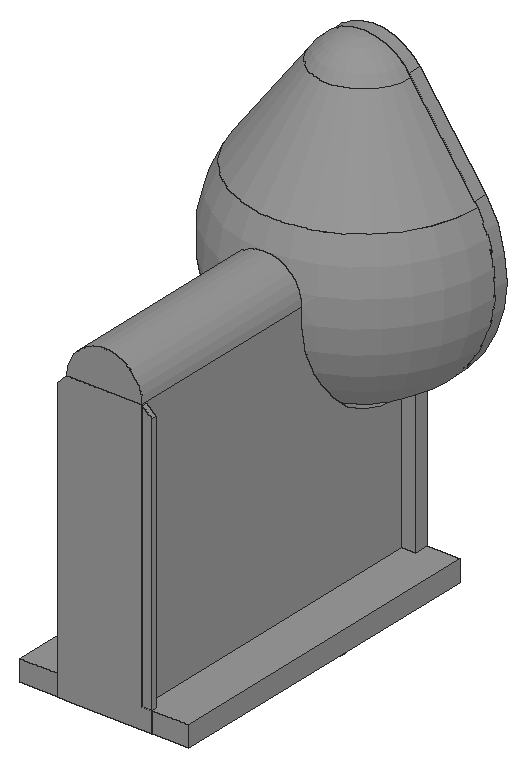
Revit family "Toilet-Willoughby-ETW-1490-FM-TS-HC", category Plumbing Fixtures, Revit 2015
Parameters (values of type "Standard")
  Waste DIA = 2 3/8"
  Waste Connection = yes
  Vent Connection = no
  URL = "https://www.willoughby-ind.com/wp-content/uploads/2018/01/ETW-1490-FM.pdf"
  Type Comments = ""
  Revision = "A"
  Model = "ETW-1490-FM-TS-HC"
  Manufacturer = "Willoughby Industries"
  HW Connection = no
  Flush Inlet DIA = 1 1/2"
  Flush Inlet Connection = yes
  Fixture Body = Stainless Steel AISI 304-Willoughby
  Description = "Handicap Blowout Series Toilet, Top Spud, Handicap Seat Height"
  Default Elevation = 0' - 0"
  Contact = "(800) 428-4065"
  CW Connection = no
Reference planes (in)
  plane 1 "Center (Front/Back)": y = 0
  plane 2: z = 0
  plane 3 "Center (Left/Right)": x = 0
  plane 4 "Seat": y = 18
  plane 5 "Top": y = 19
  plane 6: y = 17.25
  plane 7: z = 18.5
  plane 8: z = 14.933
  plane 9: x = 2.5
  plane 10: x = -2.5
  plane 11: z = 15.30775
  plane 12: x = 7
  plane 13: z = 18.24525
  plane 14: z = 8
  plane 15: z = 10
  plane 16: y = 14.5
  plane 17: y = 19.75
  plane 18: x = 2
  plane 19: x = -2
  plane 20: z = 25.75
  plane 21: x = 4.5
  plane 22: x = -4.5
  plane 23: z = 1.125
  plane 24: z = -3
  plane 25: y = 22
  plane 26: z = 2.75
Forms (in)
  Extrusion 1, solid, material "Stainless Steel AISI 304-Willoughby" <- "Fixture Body"
    sketch origin (0, 0, 0) x (1, 0, 0) y (0, 1, 0)
      loop
        line (-4.5, 0) -> (4.5, 0) -> (4.5, 18) -> (-4.5, 18) -> (-4.5, 0)
    from 0 to 1.125
  Revolve 2, solid, material "Stainless Steel AISI 304-Willoughby" <- "Fixture Body"
    sketch origin (-60, 17.25, 55.20755) x (-1, 0, 0) y (0, 0, 1)
      loop
        line (-60, -46.89981) -> (-60, -46.39981)
        arc (-60, -46.39981) -> (-65.42136, -42.59037) -> (-65.23755, -35.96698) r 7
        line (-65.23755, -35.96698) -> (-62.05388, -31.72393) -> (-61.99416, -31.59711)
        arc (-61.99416, -31.59711) -> (-61.12675, -30.82597) -> (-60, -30.54756) r 2.41924
        line (-60, -30.54756) -> (-60, -30.06664)
        arc (-60, -30.06664) -> (-61.44008, -30.44944) -> (-62.5, -31.49678) r 2.90017
        line (-62.5, -31.49678) -> (-66.0721, -36.41706)
        arc (-66.0721, -36.41706) -> (-66.0572, -43.40842) -> (-60, -46.89981) r 7
      axis (-60, -30.06664) -> (-60, -46.89981)
    angle from 0 to 180
  Extrusion 3, solid, material "Stainless Steel AISI 304-Willoughby" <- "Fixture Body"
    sketch origin (0, 0, 7.20755) x (1, 0, 0) y (0, 0, 1)
      loop
        line (-2.75, 1.72332) -> (-2.75, -6.08255) -> (2.75, -6.08255) -> (2.75, 1.7173)
        arc (2.75, 1.7173) -> (6.68642, 6.02823) -> (5.9122, 11.81443) r 6.90394
        line (5.9122, 11.81443) -> (2.39932, 16.65314)
        arc (2.39932, 16.65314) -> (-0.09029, 17.88384) -> (-2.5, 16.50322) r 2.95222
        line (-2.5, 16.50322) -> (-6.0792, 11.57317)
        arc (-6.0792, 11.57317) -> (-6.60519, 5.90783) -> (-2.75, 1.72332) r 7
      loop
        arc (-3.42861, 9.875) -> (0, 4.09219) -> (3.42861, 9.875) r 3.90781
        line (3.42861, 9.875) -> (1.45817, 16.45616)
        arc (1.45817, 16.45616) -> (-0.05754, 17.35793) -> (-1.5058, 16.35139) r 1.629
        line (-1.5058, 16.35139) -> (-3.42861, 9.875)
    from -18 to -17.25
  Extrusion 4, solid, material "Stainless Steel AISI 304-Willoughby" <- "Fixture Body"
    sketch origin (0, 0, 7.20827) x (0, 1, 0) y (0, 0, 1)
      loop
        line (0, 8.29885) -> (0, -6.20827) -> (17.25, -6.20827) -> (17.25, 1.12333)
        arc (17.25, 1.12333) -> (12.47455, 3.27791) -> (10.97879, 8.29885) r 6.30139
        line (10.97879, 8.29885) -> (0, 8.29885)
    from 2 to -2
  Revolve 5, solid, material "Stainless Steel AISI 304-Willoughby" <- "Fixture Body"
    sketch origin (0, 14.5, -24) x (0, 0, -1) y (-1, 0, 0)
      loop
        line (-25, 0) -> (-21, 0) -> (-21, 1.1875) -> (-25, 1.1875) -> (-25, 0)
      axis (-25, 0) -> (-21, 0)
    angle from 0 to 360
  Revolve 6, solid, material "Stainless Steel AISI 304-Willoughby" <- "Fixture Body"
    sketch origin (0, 0, 0) x (0, 1, 0) y (0, 0, 1)
      loop
        line (19, 2.75) -> (16, 2.75) -> (16, 2) -> (19, 2) -> (19, 2.75)
      axis (19, 2.75) -> (16, 2.75)
    angle from 0 to 360
  Extrusion 7, solid, material "Stainless Steel AISI 304-Willoughby" <- "Fixture Body"
    sketch origin (0, 0, 0) x (1, 0, 0) y (0, 0, 1)
      loop
        line (2, 0) -> (2.5, 0) -> (2.5, 15) -> (2, 15.5) -> (-2, 15.5) -> (-2.5, 15) -> (-2.5, 0) -> (-2, 0) -> (2, 0)
    from 0 to -0.25
  Extrusion 8, solid, material "Stainless Steel AISI 304-Willoughby" <- "Fixture Body"
    sketch origin (0, 0, 0) x (1, 0, 0) y (0, 0, 1)
      loop
        arc (2, 15.5) -> (0, 17.5) -> (-2, 15.5) r 2
        line (-2, 15.5) -> (2, 15.5)
    from 0 to -10.67767
Cuts and joins
  joined: Extrusion 1, Revolve 2, Extrusion 4
Lines and regions (in)
  symbolic lines
    curve 1: line (2, 0.25, 0) -> (2.5, 0.25, 0)
    curve 2: line (2.5, 0.25, 0) -> (2.5, 0, 0)
    curve 3: line (2.5, 0, 0) -> (-2.5, 0, 0)
    curve 4: line (-2.5, 0, 0) -> (-2.5, 0.25, 0)
    curve 5: line (-2.5, 0.25, 0) -> (-2, 0.25, 0)
    curve 6: line (-7, 17.25, 0) -> (-7, 18, 0)
    curve 7: line (-7, 18, 0) -> (7.00196, 18, 0)
    curve 8: line (7.00196, 18, 0) -> (7.00196, 17.25, 0)
    curve 9: arc (7.00196, 17.25, 0) -> (5.61382, 13.06611, 0) -> (2, 10.5418, 0) r 6.99922
    curve 10: arc (2, 10.5418, 0) -> (0, 10.61834, 0) -> (-2, 10.5418, 0) r 26.16613
    curve 11: arc (-2, 10.5418, 0) -> (-5.61249, 13.0667, 0) -> (-7, 17.25, 0) r 7
    curve 12: line (2, 10.5418, 0) -> (2, 0, 0)
    curve 13: line (-2, 10.5418, 0) -> (-2, 0, 0)
    curve 14: line (-2.75, 0, 8.93087) -> (-2.75, 0, 1.125)
    curve 15: line (-2.75, 0, 1.125) -> (-4.5, 0, 1.125)
    curve 16: line (-4.5, 0, 1.125) -> (-4.5, 0, 0)
    curve 17: line (-4.5, 0, 0) -> (4.5, 0, 0)
    curve 18: line (4.5, 0, 0) -> (4.5, 0, 1.125)
    curve 19: line (4.5, 0, 1.125) -> (2.75, 0, 1.125)
    curve 20: line (2.75, 0, 1.125) -> (2.75, 0, 8.92485)
    curve 21: arc (2.75, 0, 8.92485) -> (6.68642, 0, 13.23579) -> (5.9122, 0, 19.02199) r 6.90394
    curve 22: line (5.9122, 0, 19.02199) -> (2.39932, 0, 23.86069)
    curve 23: arc (2.39932, 0, 23.86069) -> (1.34707, 0, 24.77707) -> (0, 0, 25.14092) r 3.10883
    curve 24: arc (0, 0, 25.14092) -> (-1.45449, 0, 24.78331) -> (-2.5, 0, 23.71078) r 2.72376
    curve 25: line (-2.5, 0, 23.71078) -> (-6.0721, 0, 18.7905)
    curve 26: arc (-6.0721, 0, 18.7905) -> (-6.60686, 0, 13.12083) -> (-2.75, 0, 8.93087) r 6.99821
    curve 32: line (0, 10.67767, 17.5) -> (0, 0, 17.5)
    curve 33: line (0, 0, 17.5) -> (0, 0, 0)
    curve 34: line (0, 0, 0) -> (0, 18, 0)
    curve 35: line (0, 18, 0) -> (0, 18, 25.09277)
    curve 36: line (0, 18, 25.09277) -> (0, 17.25, 25.09277)
    curve 37: arc (0, 17.25, 25.09277) -> (0, 15.82172, 24.72428) -> (0, 14.75, 23.71078) r 2.95222
    curve 38: line (0, 14.75, 23.71078) -> (0, 11.1779, 18.7905)
    curve 39: arc (0, 11.1779, 18.7905) -> (0, 10.86253, 18.15775) -> (0, 10.60333, 17.5) r 8.12985
    curve 40: arc (0, 10.60333, 17.5) -> (0, 10.59028, 16.50307) -> (0, 10.54407, 15.50712) r 29.97618
    curve 41: arc (0, 10.54407, 15.50712) -> (0, 10.71035, 13.67853) -> (0, 11.42201, 11.98593) r 5.99798
    curve 42: arc (0, 11.42201, 11.98593) -> (0, 13.81176, 9.32269) -> (0, 17.25, 8.3316) r 6.4873
    curve 43: line (0, 18, 8.93087) -> (0, 17.25, 8.93087)
    curve 44: line (0, 17.25, 8.93087) -> (0, 17.25, 1.125)
    curve 45: line (0, 17.25, 1.125) -> (0, 0, 1.125)
    curve 46: line (-4.5, 11.8881, 0) -> (-4.5, 0, 0)
    curve 47: line (4.5, 11.88682, 0) -> (4.5, 0, 0)
    curve 48: line (2.5, 0, 0) -> (4.5, 0, 0)
    curve 49: line (-2.5, 0, 0) -> (-4.5, 0, 0)
  symbolic lines, detail levels fine
    curve 27: arc (-3.42861, 0, 17.08255) -> (0, 0, 11.29974) -> (3.42861, 0, 17.08255) r 3.90781
    curve 28: line (3.42861, 0, 17.08255) -> (1.45817, 0, 23.66371)
    curve 29: arc (1.45817, 0, 23.66371) -> (0.85751, 0, 24.32253) -> (0, 0, 24.5665) r 1.629
    curve 30: arc (0, 0, 24.5665) -> (-0.9059, 0, 24.29138) -> (-1.5058, 0, 23.55895) r 1.629
    curve 31: line (-1.5058, 0, 23.55895) -> (-3.42861, 0, 17.08255)
Dimensions and locks (in)
  equal spacing: plane 9, plane 3 "Center (Left/Right)", plane 10  (x2)
  locked: plane 9 to plane 10 at 5
  plane 7 to level = 1' - 6 1/2"
  plane 5 "Top" to plane 1 "Center (Front/Back)" = 1' - 7"
  plane 4 "Seat" to plane 1 "Center (Front/Back)" = 1' - 6"
  plane 16 to plane 1 "Center (Front/Back)" = 1' - 2 1/2"
  plane 1 "Center (Front/Back)" to plane 16 = 1' - 2 1/2"
  plane 19 to plane 18 = 0' - 4"
  plane 6 to plane 1 "Center (Front/Back)" = 1' - 5 1/4"
  level to plane 20 = 2' - 1 3/4"
  plane 22 to plane 21 = 0' - 9"
  plane 1 "Center (Front/Back)" to plane 4 "Seat" = 1' - 6"
  plane 22 to plane 3 "Center (Left/Right)" = 0' - 4 1/2"
  plane 25 to plane 1 "Center (Front/Back)" = 1' - 10"
  equal spacing: plane 18, plane 3 "Center (Left/Right)", plane 19
  aligned and locked: plane 21 to Extrusion 1
  aligned and locked: Extrusion 1 to plane 22
  aligned and locked: plane 18 to Extrusion 4
  aligned and locked: Extrusion 4 to plane 19
  aligned and locked: Revolve 6 sketch curve to Revolve 6 sketch curve  (x2)
Automatic sketch dimensions
  Extrusion 1 sketch curve to plane 5 "Top" = 0' - 1"
  plane 15 to Extrusion 4 sketch curve = 0' - 5.50712"
  Extrusion 4 sketch curve to plane 6 = 0' - 0"
  Extrusion 4 sketch curve to plane 6 = 0' - 0.03075"
  plane 14 to Extrusion 4 sketch curve = 0' - 6.63292"
  level to Extrusion 4 sketch curve = 0' - 1"
  Extrusion 4 sketch curve to plane 6 = 0' - 6.27121"
  Revolve 2 sketch curve to Revolve 2 sketch curve = 0' - 0"  (x3)
  Revolve 2 sketch curve to plane 9 = 0' - 0"
  Revolve 2 sketch curve to plane 3 "Center (Left/Right)" = 0' - 0"  (x3)
  Revolve 2 sketch curve to plane 11 = 0' - 0"
  Revolve 2 sketch curve to plane 9 = 0' - 0.44612"
  Revolve 2 sketch curve to Revolve 2 sketch curve = 0' - 0.05972"
  plane 11 to Revolve 2 sketch curve = 0' - 0.45007"
  Revolve 2 sketch curve to plane 3 "Center (Left/Right)" = 0' - 0.83455"
  level to Revolve 2 sketch curve = 0' - 8.80775"
  Revolve 2 sketch curve to Revolve 2 sketch curve = 0' - 0 1/2"
  plane 8 to Revolve 2 sketch curve = 0' - 7.30775"
  plane 8 to Revolve 2 sketch curve = 0' - 8.55063"
  Revolve 2 sketch curve to Revolve 2 sketch curve = 0' - 0.12681"
  Revolve 2 sketch curve to Revolve 2 sketch curve = 0' - 0.22715"
  Revolve 5 sketch curve to plane 3 "Center (Left/Right)" = 0' - 0"  (x2)
  level to Revolve 5 sketch curve = 0' - 1"
  Revolve 5 sketch curve to level = 0' - 3"
  Revolve 5 sketch curve to Revolve 5 sketch curve = 0' - 1 3/16"
  Revolve 5 sketch curve to Revolve 5 sketch curve = 0' - 0"
  Revolve 5 sketch curve to Revolve 5 sketch curve = 0' - 1 3/4"
  Extrusion 1 sketch curve to plane 10 = 0' - 2"
  plane 9 to Extrusion 1 sketch curve = 0' - 2"
  plane 7 to Revolve 2 sketch curve = 0' - 0.74057"
  plane 7 to Revolve 2 sketch curve = 0' - 0.2905"
  plane 1 "Center (Front/Back)" to Extrusion 1 sketch curve = 0' - 0"
  Extrusion 4 sketch curve to plane 1 "Center (Front/Back)" = 0' - 0"
  Revolve 6 sketch curve to plane 26 = 0' - 0"  (x2)
  Revolve 6 sketch curve to plane 5 "Top" = 0' - 0"
  Revolve 6 sketch curve to plane 6 = 0' - 1 1/4"
  Revolve 6 sketch curve to Revolve 6 sketch curve = 0' - 0 3/4"
  Revolve 6 sketch curve to Revolve 6 sketch curve = 0' - 0"
  Extrusion 7 sketch curve to plane 10 = 0' - 0"
  Extrusion 7 sketch curve to level = 0' - 0"
  plane 19 to Extrusion 7 sketch curve = 0' - 0"
  Extrusion 7 sketch curve to plane 19 = 0' - 0"
  Extrusion 7 sketch curve to plane 18 = 0' - 0"
  plane 18 to Extrusion 7 sketch curve = 0' - 0"
  plane 9 to Extrusion 7 sketch curve = 0' - 0"
  plane 8 to Extrusion 7 sketch curve = 0' - 0.067"  (x2)
  plane 8 to Extrusion 7 sketch curve = 0' - 0.567"
  Extrusion 8 sketch curve to plane 19 = 0' - 0"
  Extrusion 8 sketch curve to plane 18 = 0' - 0"
  plane 8 to Extrusion 8 sketch curve = 0' - 0.567"
  Extrusion 3 sketch curve to plane 23 = 0' - 0"
  Extrusion 3 sketch curve to plane 10 = 0' - 0"
  Extrusion 3 sketch curve to plane 3 "Center (Left/Right)" = 0' - 0"  (x3)
  Extrusion 3 sketch curve to plane 10 = 0' - 0 1/4"
  Extrusion 3 sketch curve to plane 10 = 0' - 0.92861"
  plane 7 to Extrusion 3 sketch curve = 0' - 0.28072"
  Extrusion 3 sketch curve to plane 22 = 0' - 1.5792"
  plane 19 to Extrusion 3 sketch curve = 0' - 0.4942"
  plane 3 "Center (Left/Right)" to Extrusion 3 sketch curve = 0' - 0.02626"
  Extrusion 3 sketch curve to Extrusion 3 sketch curve = 0' - 0.07176"
  Extrusion 3 sketch curve to plane 18 = 0' - 0.54183"
  Extrusion 3 sketch curve to plane 9 = 0' - 0.10068"
  plane 9 to Extrusion 3 sketch curve = 0' - 0 1/4"
  plane 9 to Extrusion 3 sketch curve = 0' - 0.92861"
  plane 14 to Extrusion 3 sketch curve = 0' - 0.92485"
  plane 14 to Extrusion 3 sketch curve = 0' - 0.93087"
  Extrusion 3 sketch curve to Extrusion 3 sketch curve = 0' - 0.14923"
  Extrusion 3 sketch curve to Extrusion 3 sketch curve = 0' - 0.05766"
  Extrusion 3 sketch curve to plane 7 = 0' - 1.41745"
  Extrusion 3 sketch curve to plane 20 = 0' - 3.60945"
  Extrusion 3 sketch curve to Extrusion 3 sketch curve = 0' - 0.79695"
  Extrusion 3 sketch curve to Extrusion 3 sketch curve = 0' - 0.62145"
  Extrusion 3 sketch curve to Extrusion 3 sketch curve = 0' - 0.15183"
  plane 7 to Extrusion 3 sketch curve = 0' - 0.52199"
  curve 29 to curve 30 = 0' - 0"
  curve 17 to level = 0' - 0"
  curve 17 to plane 22 = 0' - 0"
  curve 14 to plane 23 = 0' - 0"
  curve 24 to plane 10 = 0' - 0"
  curve 30 to plane 3 "Center (Left/Right)" = 0' - 0"
  curve 27 to plane 3 "Center (Left/Right)" = 0' - 0"
  curve 23 to plane 3 "Center (Left/Right)" = 0' - 0"
  curve 24 to plane 3 "Center (Left/Right)" = 0' - 0"
  curve 19 to plane 23 = 0' - 0"
  curve 18 to plane 21 = 0' - 0"
  plane 7 to curve 25 = 0' - 0.2905"
  curve 25 to plane 22 = 0' - 1.5721"
  curve 14 to plane 10 = 0' - 0 1/4"
  curve 23 to plane 3 "Center (Left/Right)" = 0' - 0.11643"
  curve 24 to plane 3 "Center (Left/Right)" = 0' - 0.10201"
  plane 3 "Center (Left/Right)" to curve 26 = 0' - 0.02502"
  curve 26 to curve 21 = 0' - 0.073"
  curve 28 to plane 18 = 0' - 0.54183"
  curve 22 to plane 9 = 0' - 0.10068"
  plane 9 to curve 20 = 0' - 0 1/4"
  plane 9 to curve 28 = 0' - 0.92861"
  plane 7 to curve 22 = 0' - 0.52199"
  plane 21 to curve 22 = 0' - 1.4122"
  plane 14 to curve 20 = 0' - 0.92485"
  plane 14 to curve 14 = 0' - 0.93087"
  curve 27 to curve 21 = 0' - 0.09157"
  curve 28 to plane 7 = 0' - 1.41745"
  plane 7 to curve 23 = 0' - 3.53426"
  curve 23 to curve 24 = 0' - 0.38481"
  curve 24 to curve 30 = 0' - 0.51843"
  curve 28 to curve 22 = 0' - 0.19698"
  curve 27 to plane 10 = 0' - 0.92861"
  plane 19 to curve 30 = 0' - 0.4942"
  curve 33 to plane 1 "Center (Front/Back)" = 0' - 0"
  curve 36 to plane 6 = 0' - 0"
  curve 45 to plane 6 = 0' - 0"
  curve 35 to level = 0' - 0"
  curve 35 to plane 4 "Seat" = 0' - 0"
  curve 44 to plane 23 = 0' - 0"
  curve 40 to plane 7 = 0' - 1.10603"
  plane 1 "Center (Front/Back)" to curve 40 = 1' - 7.37266"
  plane 7 to curve 38 = 0' - 0.2905"
  curve 38 to plane 16 = 0' - 3.3221"
  plane 16 to curve 38 = 0' - 0 1/4"
  plane 8 to curve 41 = 0' - 0.19657"
  curve 41 to plane 6 = 0' - 0.71984"
  plane 6 to curve 42 = 0' - 0.00804"
  curve 39 to plane 8 = 0' - 0.08196"
  plane 4 "Seat" to curve 39 = 0' - 0.28952"
  plane 14 to curve 44 = 0' - 0.93087"
  curve 42 to plane 8 = 0' - 0.11411"
  curve 32 to plane 7 = 0' - 1"
  curve 37 to plane 20 = 0' - 3.60945"
  curve 38 to plane 20 = 0' - 2.03922"
  plane 8 to curve 40 = 0' - 0.57412"
  curve 41 to curve 40 = 0' - 0"
  curve 39 to curve 32 = 0' - 0.07434"
  plane 15 to curve 42 = 0' - 1.98593"
  curve 11 to plane 6 = 0' - 0"
  curve 6 to plane 4 "Seat" = 0' - 0"
  curve 46 to plane 22 = 0' - 0"
  curve 4 to plane 10 = 0' - 0"
  curve 13 to plane 19 = 0' - 0"
  curve 11 to plane 3 "Center (Left/Right)" = 0' - 0"
  curve 10 to plane 3 "Center (Left/Right)" = 0' - 0"
  curve 9 to plane 6 = 0' - 0"
  plane 1 "Center (Front/Back)" to curve 12 = 0' - 0"
  curve 12 to plane 18 = 0' - 0"
  curve 1 to plane 9 = 0' - 0"
  curve 47 to plane 21 = 0' - 0"
  curve 7 to plane 22 = 0' - 2 1/2"
  plane 3 "Center (Left/Right)" to curve 9 = 0' - 0.00274"
  plane 1 "Center (Front/Back)" to curve 10 = 1' - 3.54779"
  curve 3 to curve 4 = 0' - 0 1/4"
  curve 2 to curve 2 = 0' - 0 1/4"
Connectors (in)
  piping at (0, 14.5, -3), diameter 2.375, driven by "Waste Connection", driven by "Waste DIA"
    settings: on Revolve 5, index 1, connector inside diameter 24", connector length 0' - 0", flow factor 0, pipe flow 0 GPM, pressure drop 0.00 psi, fitting loss kfactor 0, connector angle 0.00°, fixture units 0, engagement length 0' - 0", angle of deflection 0.00°, flow configuration 0, flow direction 2, fitting loss method 0, system type 16, joint type 0, gender type 0, connector reference index -1, connector utility 1, adjustable connector no, is connector primary yes, connector description "Toilet Waste"
  piping at (0, 19, 2.75), diameter 1.5, driven by "Flush Inlet Connection", driven by "Flush Inlet DIA"
    settings: on Revolve 6, index 2, connector inside diameter 24", connector length 0' - 0", flow factor 0, pipe flow 0 GPM, pressure drop 0.00 psi, fitting loss kfactor 0, connector angle 0.00°, fixture units 0, engagement length 0' - 0", angle of deflection 0.00°, flow configuration 0, flow direction 1, fitting loss method 0, system type 20, joint type 0, gender type 0, connector reference index -1, connector utility 1, adjustable connector no, is connector primary no, connector description "Flush Inlet"
